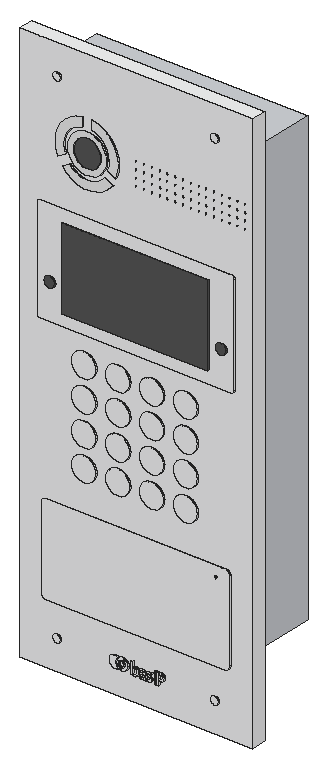
Revit family "BAS-IP_Вызывная панель_AA-07BD", category Устройства связи, Revit 2019
Family settings
  Сохранять ориентацию аннотаций = Нет
  Размер круглого соединителя = Использовать диаметр
  Тип детали = Нормальный
  На основе рабочей плоскости = Нет
  Всегда вертикально = Да
  При загрузке вырезать с полостями = Нет
  Общий = Нет
  Точка расчета площади = Нет
Parameters (values of type "Серебристый")
  Цветовое решение = "Серебристый"
  Цвет = Gray silver
  Угол обзора камеры = "110° (по горизонтали)"
  УГО_Смещение_Y [instance] = 0 mm
  УГО_Смещение_X [instance] = 0 mm
  Тип установки = "Скрытого монтажа, накладной с BR-AA7"
  Тип панели = "Многоабонентская"
  Тип клавиатуры = "Механические кнопки с подсветкой"
  Температурный режим = "-40 – +65 °С"
  Разрешение = "2 Мп"
  Размер самой панели = "155 × 375 × 55 мм"
  Размер под установку = "140 × 350 × 60 мм"
  Потребление питания = "6,5 Вт, в режиме ожидания - 3,6 Вт"
  Питание = "+12 В постоянного тока"
  Ночная подсветка = "6 светодиодов"
  Минимальная освещенность = "0,01 Люкс"
  Корпус = "Алюминий"
  Класс степени защиты = "IP65"
  Камера = "1/4”"
  Изготовитель = "BAS-IP"  # constant formula
  Зона обслуживания [instance] = no
  Дисплей = "4,3” TFT, цветной с подсветкой"
  Выходное видео = "Half HD (1280 × 720), H.264 Main Profile"
  IK-код = "IK07"
  ADSK_Размер_Смещение от уровня [instance] = 1000 mm
  ADSK_Примечание [instance] = ""
  ADSK_Позиция [instance] = ""
  ADSK_Наименование = "Многоабонентская IP вызывная панель с TFT экраном 4,3 дюйма"
  ADSK_Материал = Silver
  ADSK_Марка = "AA-07BD Silver"
  ADSK_Количество = 1  # constant formula
  ADSK_Код изделия = ""
  ADSK_Завод-изготовитель = "BAS-IP"  # constant formula
  ADSK_Единица измерения = "шт."  # constant formula
Reference planes
  plane 1 "По центру (Вперед/Назад)": y = 0
  plane 2: z = 0
  plane 3 "По центру (Влево/Вправо)": x = 0
  plane 4: z = 1000
  plane 5: z = 0
  plane 6: y = 0
  plane 7: x = 0
Forms (mm)
  Extrusion 1, solid, material "Silver" <- "ADSK_Материал", detail levels medium+fine
    sketch origin (0, -8, 1000) x (1, 0, 0) y (0, 0, 1)
      loop
        line (-77.5, 0) -> (77.5, 0) -> (77.5, 375) -> (-77.5, 375) -> (-77.5, 0)
    from -8 to 2
  Extrusion 2, solid, detail levels medium+fine
    sketch origin (0, -8, 1000) x (1, 0, 0) y (0, 0, 1)
      loop
        line (-70, 350) -> (-70, 50) -> (70, 50) -> (70, 350) -> (-70, 350)
    from -53 to -8
  Extrusion 3, solid, material "Silver" <- "ADSK_Материал", detail levels fine
    sketch origin (0, -7.5, 1000) x (1, 0, 0) y (0, 0, 1)
      loop
        arc (-59.5, 100.854) -> (-61.621, 99.975) -> (-62.5, 97.854) r 3
        line (-62.5, 97.854) -> (-62.5, 43.854)
        arc (-62.5, 43.854) -> (-61.621, 41.732) -> (-59.5, 40.854) r 3
        line (-59.5, 40.854) -> (59.5, 40.854)
        arc (59.5, 40.854) -> (61.621, 41.732) -> (62.5, 43.854) r 3
        line (62.5, 43.854) -> (62.5, 97.854)
        arc (62.5, 97.854) -> (61.621, 99.975) -> (59.5, 100.854) r 3
        line (59.5, 100.854) -> (-59.5, 100.854)
    from 2 to 3
  Extrusion 4, void, detail levels fine
    sketch origin (-6.684, -8, 1047.747) x (1, 0, 0) y (0, 0, 1)
      loop
        circle (60.5, 46.187) r 1
    from 0 to 2.5
  Extrusion 5, void, detail levels fine
    sketch origin (-209.374, -8, 1225.582) x (1, 0, 0) y (0, 0, 1)
      loop
        circle (209.254, 97.039) r 0.5
      loop
        circle (214.754, 97.039) r 0.5
      loop
        circle (220.004, 97.039) r 0.5
      loop
        circle (225.316, 97.039) r 0.5
      loop
        circle (230.316, 97.039) r 0.5
      loop
        circle (209.254, 92.039) r 0.5
      loop
        circle (214.754, 92.039) r 0.5
      loop
        circle (220.004, 92.039) r 0.5
      loop
        circle (225.316, 92.039) r 0.5
      loop
        circle (230.316, 92.039) r 0.5
      loop
        circle (209.254, 87.039) r 0.5
      loop
        circle (214.754, 87.039) r 0.5
      loop
        circle (220.004, 87.039) r 0.5
      loop
        circle (225.316, 87.039) r 0.5
      loop
        circle (230.316, 87.039) r 0.5
      loop
        circle (209.254, 82.039) r 0.5
      loop
        circle (214.754, 82.039) r 0.5
      loop
        circle (220.004, 82.039) r 0.5
      loop
        circle (225.316, 82.039) r 0.5
      loop
        circle (230.316, 82.039) r 0.5
      loop
        circle (276.937, 97.039) r 0.5
      loop
        circle (271.687, 97.039) r 0.5
      loop
        circle (266.375, 97.039) r 0.5
      loop
        circle (261.375, 97.039) r 0.5
      loop
        circle (276.937, 92.039) r 0.5
      loop
        circle (271.687, 92.039) r 0.5
      loop
        circle (266.375, 92.039) r 0.5
      loop
        circle (261.375, 92.039) r 0.5
      loop
        circle (276.937, 87.039) r 0.5
      loop
        circle (271.687, 87.039) r 0.5
      loop
        circle (266.375, 87.039) r 0.5
      loop
        circle (261.375, 87.039) r 0.5
      loop
        circle (276.937, 82.039) r 0.5
      loop
        circle (271.687, 82.039) r 0.5
      loop
        circle (266.375, 82.039) r 0.5
      loop
        circle (261.375, 82.039) r 0.5
      loop
        circle (282.187, 97.039) r 0.5
      loop
        circle (282.187, 92.039) r 0.5
      loop
        circle (282.187, 87.039) r 0.5
      loop
        circle (282.187, 82.039) r 0.5
    from 1 to 2
  Extrusion 6, void, detail levels fine
    sketch origin (-209.374, -8, 1305.582) x (1, 0, 0) y (0, 0, 1)
      loop
        circle (245.846, 17.039) r 0.5
      loop
        circle (245.846, 12.039) r 0.5
      loop
        circle (245.846, 7.039) r 0.5
      loop
        circle (245.846, 2.039) r 0.5
      loop
        circle (240.596, 17.039) r 0.5
      loop
        circle (240.596, 12.039) r 0.5
      loop
        circle (240.596, 7.039) r 0.5
      loop
        circle (240.596, 2.039) r 0.5
      loop
        circle (235.658, 17.039) r 0.5
      loop
        circle (235.658, 12.039) r 0.5
      loop
        circle (235.658, 7.039) r 0.5
      loop
        circle (235.658, 2.039) r 0.5
      loop
        circle (251.096, 17.039) r 0.5
      loop
        circle (251.096, 12.039) r 0.5
      loop
        circle (251.096, 7.039) r 0.5
      loop
        circle (251.096, 2.039) r 0.5
      loop
        circle (256.033, 17.039) r 0.5
      loop
        circle (256.033, 12.039) r 0.5
      loop
        circle (256.033, 7.039) r 0.5
      loop
        circle (256.033, 2.039) r 0.5
    from 0 to 2
  Extrusion 7, solid, material "Black", detail levels fine
    sketch origin (0, -8, 1019.127) x (1, 0, 0) y (0, 0, 1)
      loop
        line (-48.5, 250.279) -> (-48.5, 196.279) -> (48.5, 196.279) -> (48.5, 250.279) -> (-48.5, 250.279)
    from 1.5 to 3
  Extrusion 8, solid, material "Black", detail levels fine
    sketch origin (-31.906, -8, 1173.907) x (1, 0, 0) y (0, 0, 1)
      loop
        circle (-25.094, 57.291) r 3.5
      loop
        circle (88.906, 57.291) r 3.5
    from 1.5 to 3
  Extrusion 9, solid, material "Silver" <- "ADSK_Материал", detail levels fine
    sketch origin (-5.5, -7.5, 1139.127) x (1, 0, 0) y (0, 0, 1)
      loop
        arc (-58, 138.279) -> (-59.414, 137.693) -> (-60, 136.279) r 2
        line (-60, 136.279) -> (-60, 70.279)
        arc (-60, 70.279) -> (-59.414, 68.864) -> (-58, 68.279) r 2
        line (-58, 68.279) -> (69, 68.279)
        arc (69, 68.279) -> (70.414, 68.864) -> (71, 70.279) r 2
        line (71, 70.279) -> (71, 136.279)
        arc (71, 136.279) -> (70.414, 137.693) -> (69, 138.279) r 2
        line (69, 138.279) -> (-58, 138.279)
    from 2 to 3
  Extrusion 10, solid, material "Gray silver", detail levels fine
    sketch origin (150.034, -8, 1088.366) x (1, 0, 0) y (0, 0, 1)
      loop
        circle (-202.534, 266.634) r 2.5
      loop
        circle (-97.534, 266.634) r 2.5
      loop
        circle (-202.534, -68.366) r 2.5
      loop
        circle (-97.534, -68.366) r 2.5
    from 0 to 2.5
  Extrusion 11, solid, material "White", detail levels fine
    sketch origin (-32.5, -7.5, 1180.728) x (1, 0, 0) y (0, 0, 1)
      loop
        arc (-14.192, 130.272) -> (-13.253, 142.888) -> (-3, 150.299) r 15
        line (-3, 150.299) -> (-3, 156.293)
        arc (-3, 156.293) -> (-18.287, 145.815) -> (-19.322, 127.31) r 21
        line (-19.322, 127.31) -> (-14.192, 130.272)
      loop
        line (14.192, 130.272) -> (19.322, 127.31)
        arc (19.322, 127.31) -> (18.287, 145.815) -> (3, 156.293) r 21
        line (3, 156.293) -> (3, 150.299)
        arc (3, 150.299) -> (13.253, 142.888) -> (14.192, 130.272) r 15
      loop
        line (-11.192, 125.075) -> (-16.322, 122.114)
        arc (-16.322, 122.114) -> (0.221, 113.757) -> (16.939, 121.757) r 21
        line (16.939, 121.757) -> (11.749, 124.754)
        arc (11.749, 124.754) -> (0.204, 119.58) -> (-11.192, 125.075) r 15
    from 2 to 3
  Extrusion 12, solid, material "Silver" <- "ADSK_Материал", detail levels fine
    sketch origin (0, -7.5, 1000) x (1, 0, 0) y (0, 0, 1)
      loop
        circle (-34.465, 189.282) r 8.017
      loop
        circle (-11.965, 189.282) r 8.017
      loop
        circle (10.535, 189.282) r 8.017
      loop
        circle (33.035, 189.282) r 8.017
      loop
        circle (-34.465, 168.645) r 8.017
      loop
        circle (-11.965, 168.645) r 8.017
      loop
        circle (10.535, 168.645) r 8.017
      loop
        circle (33.035, 168.645) r 8.017
      loop
        circle (-34.465, 148.02) r 8.017
      loop
        circle (-11.965, 148.02) r 8.017
      loop
        circle (10.535, 148.02) r 8.017
      loop
        circle (33.035, 148.02) r 8.017
      loop
        circle (-34.465, 127.395) r 8.017
      loop
        circle (-11.965, 127.395) r 8.017
      loop
        circle (10.535, 127.395) r 8.017
      loop
        circle (33.035, 127.395) r 8.017
    from 2 to 3
  Extrusion 13, solid, material "Black", detail levels fine
    sketch origin (-32.254, -7.5, 1180.99) x (1, 0, 0) y (0, 0, 1)
      loop
        circle (0, 135.001) r 9
    from 2 to 3
  Extrusion 14, solid, material "White", detail levels fine
    sketch origin (0.246, 0, 1000.262) x (1, 0, 0) y (0, 0, 1)
      loop
        circle (-32.5, 315.729) r 13
      loop
        circle (-32.5, 315.729) r 9
    from 9.5 to 10.5
  Extrusion 15, solid, material "Silver" <- "ADSK_Материал", not visible, detail levels medium+fine
    sketch origin (0, -8, 0) x (1, 0, 0) y (0, 0, 1)
      loop
        line (-77.5, 0) -> (77.5, 0) -> (77.5, 375) -> (-77.5, 375) -> (-77.5, 0)
    from -8 to 2
  Extrusion 16, solid, not visible, detail levels medium+fine
    sketch origin (0, -8, 0) x (1, 0, 0) y (0, 0, 1)
      loop
        line (-70, 350) -> (-70, 50) -> (70, 50) -> (70, 350) -> (-70, 350)
    from -53 to -8
  Extrusion 17, solid, material "Silver" <- "ADSK_Материал", not visible, detail levels fine
    sketch origin (0, -7.5, 0) x (1, 0, 0) y (0, 0, 1)
      loop
        arc (-59.5, 100.854) -> (-61.621, 99.975) -> (-62.5, 97.854) r 3
        line (-62.5, 97.854) -> (-62.5, 43.854)
        arc (-62.5, 43.854) -> (-61.621, 41.732) -> (-59.5, 40.854) r 3
        line (-59.5, 40.854) -> (59.5, 40.854)
        arc (59.5, 40.854) -> (61.621, 41.732) -> (62.5, 43.854) r 3
        line (62.5, 43.854) -> (62.5, 97.854)
        arc (62.5, 97.854) -> (61.621, 99.975) -> (59.5, 100.854) r 3
        line (59.5, 100.854) -> (-59.5, 100.854)
    from 2 to 3
  Extrusion 18, void, not visible, detail levels fine
    sketch origin (-6.684, -8, 47.747) x (1, 0, 0) y (0, 0, 1)
      loop
        circle (60.5, 46.187) r 1
    from 0 to 2.5
  Extrusion 19, void, not visible, detail levels fine
    sketch origin (-209.374, -8, 225.582) x (1, 0, 0) y (0, 0, 1)
      loop
        circle (209.254, 97.039) r 0.5
      loop
        circle (214.754, 97.039) r 0.5
      loop
        circle (220.004, 97.039) r 0.5
      loop
        circle (225.316, 97.039) r 0.5
      loop
        circle (230.316, 97.039) r 0.5
      loop
        circle (209.254, 92.039) r 0.5
      loop
        circle (214.754, 92.039) r 0.5
      loop
        circle (220.004, 92.039) r 0.5
      loop
        circle (225.316, 92.039) r 0.5
      loop
        circle (230.316, 92.039) r 0.5
      loop
        circle (209.254, 87.039) r 0.5
      loop
        circle (214.754, 87.039) r 0.5
      loop
        circle (220.004, 87.039) r 0.5
      loop
        circle (225.316, 87.039) r 0.5
      loop
        circle (230.316, 87.039) r 0.5
      loop
        circle (209.254, 82.039) r 0.5
      loop
        circle (214.754, 82.039) r 0.5
      loop
        circle (220.004, 82.039) r 0.5
      loop
        circle (225.316, 82.039) r 0.5
      loop
        circle (230.316, 82.039) r 0.5
      loop
        circle (276.937, 97.039) r 0.5
      loop
        circle (271.687, 97.039) r 0.5
      loop
        circle (266.375, 97.039) r 0.5
      loop
        circle (261.375, 97.039) r 0.5
      loop
        circle (276.937, 92.039) r 0.5
      loop
        circle (271.687, 92.039) r 0.5
      loop
        circle (266.375, 92.039) r 0.5
      loop
        circle (261.375, 92.039) r 0.5
      loop
        circle (276.937, 87.039) r 0.5
      loop
        circle (271.687, 87.039) r 0.5
      loop
        circle (266.375, 87.039) r 0.5
      loop
        circle (261.375, 87.039) r 0.5
      loop
        circle (276.937, 82.039) r 0.5
      loop
        circle (271.687, 82.039) r 0.5
      loop
        circle (266.375, 82.039) r 0.5
      loop
        circle (261.375, 82.039) r 0.5
      loop
        circle (282.187, 97.039) r 0.5
      loop
        circle (282.187, 92.039) r 0.5
      loop
        circle (282.187, 87.039) r 0.5
      loop
        circle (282.187, 82.039) r 0.5
    from 1 to 2
  Extrusion 20, void, not visible, detail levels fine
    sketch origin (-209.374, -8, 305.582) x (1, 0, 0) y (0, 0, 1)
      loop
        circle (245.846, 17.039) r 0.5
      loop
        circle (245.846, 12.039) r 0.5
      loop
        circle (245.846, 7.039) r 0.5
      loop
        circle (245.846, 2.039) r 0.5
      loop
        circle (240.596, 17.039) r 0.5
      loop
        circle (240.596, 12.039) r 0.5
      loop
        circle (240.596, 7.039) r 0.5
      loop
        circle (240.596, 2.039) r 0.5
      loop
        circle (235.658, 17.039) r 0.5
      loop
        circle (235.658, 12.039) r 0.5
      loop
        circle (235.658, 7.039) r 0.5
      loop
        circle (235.658, 2.039) r 0.5
      loop
        circle (251.096, 17.039) r 0.5
      loop
        circle (251.096, 12.039) r 0.5
      loop
        circle (251.096, 7.039) r 0.5
      loop
        circle (251.096, 2.039) r 0.5
      loop
        circle (256.033, 17.039) r 0.5
      loop
        circle (256.033, 12.039) r 0.5
      loop
        circle (256.033, 7.039) r 0.5
      loop
        circle (256.033, 2.039) r 0.5
    from 0 to 2
  Extrusion 21, solid, material "Black", not visible, detail levels fine
    sketch origin (0, -8, 19.127) x (1, 0, 0) y (0, 0, 1)
      loop
        line (-48.5, 250.279) -> (-48.5, 196.279) -> (48.5, 196.279) -> (48.5, 250.279) -> (-48.5, 250.279)
    from 1.5 to 3
  Extrusion 22, solid, material "Black", not visible, detail levels fine
    sketch origin (-31.906, -8, 173.907) x (1, 0, 0) y (0, 0, 1)
      loop
        circle (-25.094, 57.291) r 3.5
      loop
        circle (88.906, 57.291) r 3.5
    from 1.5 to 3
  Extrusion 23, solid, material "Silver" <- "ADSK_Материал", not visible, detail levels fine
    sketch origin (-5.5, -7.5, 139.127) x (1, 0, 0) y (0, 0, 1)
      loop
        arc (-58, 138.279) -> (-59.414, 137.693) -> (-60, 136.279) r 2
        line (-60, 136.279) -> (-60, 70.279)
        arc (-60, 70.279) -> (-59.414, 68.864) -> (-58, 68.279) r 2
        line (-58, 68.279) -> (69, 68.279)
        arc (69, 68.279) -> (70.414, 68.864) -> (71, 70.279) r 2
        line (71, 70.279) -> (71, 136.279)
        arc (71, 136.279) -> (70.414, 137.693) -> (69, 138.279) r 2
        line (69, 138.279) -> (-58, 138.279)
    from 2 to 3
  Extrusion 24, solid, material "Gray silver", not visible, detail levels fine
    sketch origin (150.034, -8, 88.366) x (1, 0, 0) y (0, 0, 1)
      loop
        circle (-202.534, 266.634) r 2.5
      loop
        circle (-97.534, 266.634) r 2.5
      loop
        circle (-202.534, -68.366) r 2.5
      loop
        circle (-97.534, -68.366) r 2.5
    from 0 to 2.5
  Extrusion 25, solid, material "White", not visible, detail levels fine
    sketch origin (-32.5, -7.5, 180.728) x (1, 0, 0) y (0, 0, 1)
      loop
        arc (-14.192, 130.272) -> (-13.253, 142.888) -> (-3, 150.299) r 15
        line (-3, 150.299) -> (-3, 156.293)
        arc (-3, 156.293) -> (-18.287, 145.815) -> (-19.322, 127.31) r 21
        line (-19.322, 127.31) -> (-14.192, 130.272)
      loop
        line (14.192, 130.272) -> (19.322, 127.31)
        arc (19.322, 127.31) -> (18.287, 145.815) -> (3, 156.293) r 21
        line (3, 156.293) -> (3, 150.299)
        arc (3, 150.299) -> (13.253, 142.888) -> (14.192, 130.272) r 15
      loop
        line (-11.192, 125.075) -> (-16.322, 122.114)
        arc (-16.322, 122.114) -> (0.221, 113.757) -> (16.939, 121.757) r 21
        line (16.939, 121.757) -> (11.749, 124.754)
        arc (11.749, 124.754) -> (0.204, 119.58) -> (-11.192, 125.075) r 15
    from 2 to 3
  Extrusion 26, solid, material "Silver" <- "ADSK_Материал", not visible, detail levels fine
    sketch origin (0, -7.5, 0) x (1, 0, 0) y (0, 0, 1)
      loop
        circle (-34.465, 189.282) r 8.017
      loop
        circle (-11.965, 189.282) r 8.017
      loop
        circle (10.535, 189.282) r 8.017
      loop
        circle (33.035, 189.282) r 8.017
      loop
        circle (-34.465, 168.645) r 8.017
      loop
        circle (-11.965, 168.645) r 8.017
      loop
        circle (10.535, 168.645) r 8.017
      loop
        circle (33.035, 168.645) r 8.017
      loop
        circle (-34.465, 148.02) r 8.017
      loop
        circle (-11.965, 148.02) r 8.017
      loop
        circle (10.535, 148.02) r 8.017
      loop
        circle (33.035, 148.02) r 8.017
      loop
        circle (-34.465, 127.395) r 8.017
      loop
        circle (-11.965, 127.395) r 8.017
      loop
        circle (10.535, 127.395) r 8.017
      loop
        circle (33.035, 127.395) r 8.017
    from 2 to 3
  Extrusion 27, solid, material "Black", not visible, detail levels fine
    sketch origin (-32.254, -7.5, 180.99) x (1, 0, 0) y (0, 0, 1)
      loop
        circle (0, 135.001) r 9
    from 2 to 3
  Extrusion 28, solid, material "White", not visible, detail levels fine
    sketch origin (0.246, 0, 0.262) x (1, 0, 0) y (0, 0, 1)
      loop
        circle (-32.5, 315.729) r 13
      loop
        circle (-32.5, 315.729) r 9
    from 9.5 to 10.5
Cuts and joins
  Extrusion 4, Extrusion 5, Extrusion 6 cuts Extrusion 1
  Extrusion 4 cuts Extrusion 3
Dimensions and locks
  "ADSK_Размер_Смещение от уровня": plane 4 to plane 2
  "УГО_Смещение_X": plane 3 "По центру (Влево/Вправо)" to plane 7
  "УГО_Смещение_Y": plane 6 to plane 1 "По центру (Вперед/Назад)"
  aligned and locked: level to plane 2
  aligned and locked: cut or joined group of Extrusion 1, Extrusion 4, Extrusion 5, Extrusion 6 to plane 4
  aligned and locked: nested 5 to plane 6
  aligned and locked: plane 7 to nested 5
Automatic sketch dimensions
  Extrusion 2 sketch curve to Extrusion 2 sketch curve = 300 mm
  Extrusion 3 sketch curve to Extrusion 3 sketch curve = 3 mm  (x3)
  Extrusion 3 sketch curve to Extrusion 3 sketch curve = 0 mm
  Extrusion 3 sketch curve to Extrusion 3 sketch curve = 54 mm
  Extrusion 5 sketch curve to Extrusion 5 sketch curve = 0 mm  (x38)
  Extrusion 5 sketch curve to Extrusion 5 sketch curve = 5.25 mm  (x5)
  Extrusion 5 sketch curve to Extrusion 5 sketch curve = 5.313 mm  (x4)
  Extrusion 5 sketch curve to Extrusion 5 sketch curve = 5 mm  (x29)
  Extrusion 5 sketch curve to Extrusion 5 sketch curve = 31.058 mm
  Extrusion 6 sketch curve to Extrusion 6 sketch curve = 0 mm  (x19)
  Extrusion 6 sketch curve to Extrusion 6 sketch curve = 4.938 mm  (x8)
  Extrusion 6 sketch curve to Extrusion 6 sketch curve = 5.25 mm  (x2)
  Extrusion 6 sketch curve to Extrusion 6 sketch curve = 5 mm  (x9)
  Extrusion 7 sketch curve to Extrusion 7 sketch curve = 54 mm
  Extrusion 8 sketch curve to Extrusion 8 sketch curve = 0 mm
  Extrusion 9 sketch curve to Extrusion 9 sketch curve = 2 mm  (x3)
  Extrusion 9 sketch curve to Extrusion 9 sketch curve = 66 mm
  Extrusion 10 sketch curve to Extrusion 10 sketch curve = 335 mm
  Extrusion 10 sketch curve to Extrusion 10 sketch curve = 0 mm  (x3)
  Extrusion 11 sketch curve to Extrusion 11 sketch curve = 3 mm
  Extrusion 11 sketch curve to Extrusion 11 sketch curve = 5.13 mm  (x3)
  Extrusion 11 sketch curve to Extrusion 11 sketch curve = 11.192 mm
  Extrusion 11 sketch curve to Extrusion 11 sketch curve = 2.841 mm
  Extrusion 11 sketch curve to Extrusion 11 sketch curve = 0.148 mm  (x2)
  Extrusion 11 sketch curve to Extrusion 11 sketch curve = 0.021 mm
  Extrusion 11 sketch curve to Extrusion 11 sketch curve = 0.403 mm
  Extrusion 11 sketch curve to Extrusion 11 sketch curve = 0.032 mm
  Extrusion 11 sketch curve to Extrusion 11 sketch curve = 6 mm
  Extrusion 11 sketch curve to Extrusion 11 sketch curve = 11.335 mm
  Extrusion 11 sketch curve to Extrusion 11 sketch curve = 2.443 mm
  Extrusion 11 sketch curve to Extrusion 11 sketch curve = 5.191 mm
  Extrusion 11 sketch curve to Extrusion 11 sketch curve = 0.356 mm
  Extrusion 11 sketch curve to Extrusion 11 sketch curve = 2.997 mm
  Extrusion 11 sketch curve to Extrusion 11 sketch curve = 2.962 mm  (x3)
  Extrusion 11 sketch curve to Extrusion 11 sketch curve = 5.196 mm
  Extrusion 11 sketch curve to Extrusion 11 sketch curve = 5.553 mm
  Extrusion 11 sketch curve to Extrusion 11 sketch curve = 0.754 mm
  Extrusion 11 sketch curve to Extrusion 11 sketch curve = 0 mm
  Extrusion 11 sketch curve to Extrusion 11 sketch curve = 0.061 mm  (x2)
  Extrusion 12 sketch curve to Extrusion 12 sketch curve = 0 mm  (x13)
  Extrusion 12 sketch curve to Extrusion 12 sketch curve = 22.5 mm  (x5)
  Extrusion 12 sketch curve to Extrusion 12 sketch curve = 20.625 mm  (x8)
  Extrusion 12 sketch curve to Extrusion 12 sketch curve = 20.638 mm  (x4)
  Extrusion 14 sketch curve to Extrusion 14 sketch curve = 0 mm  (x4)
  Extrusion 1 sketch curve to Extrusion 1 sketch curve = 155 mm
  Extrusion 1 sketch curve to Extrusion 1 sketch curve = 375 mm
  Extrusion 2 sketch curve to Extrusion 2 sketch curve = 140 mm
  Extrusion 3 sketch curve to Extrusion 3 sketch curve = 119 mm
  Extrusion 5 sketch curve to Extrusion 5 sketch curve = 5.5 mm
  Extrusion 7 sketch curve to Extrusion 7 sketch curve = 97 mm
  Extrusion 8 sketch curve to Extrusion 8 sketch curve = 114 mm
  Extrusion 9 sketch curve to Extrusion 9 sketch curve = 127 mm
  Extrusion 9 sketch curve to Extrusion 9 sketch curve = 0 mm
  Extrusion 10 sketch curve to Extrusion 10 sketch curve = 105 mm  (x2)
  Extrusion 16 sketch curve to Extrusion 16 sketch curve = 300 mm
  Extrusion 17 sketch curve to Extrusion 17 sketch curve = 3 mm  (x3)
  Extrusion 17 sketch curve to Extrusion 17 sketch curve = 0 mm
  Extrusion 17 sketch curve to Extrusion 17 sketch curve = 54 mm
  Extrusion 19 sketch curve to Extrusion 19 sketch curve = 0 mm  (x38)
  Extrusion 19 sketch curve to Extrusion 19 sketch curve = 5.25 mm  (x5)
  Extrusion 19 sketch curve to Extrusion 19 sketch curve = 5.313 mm  (x4)
  Extrusion 19 sketch curve to Extrusion 19 sketch curve = 5 mm  (x29)
  Extrusion 19 sketch curve to Extrusion 19 sketch curve = 31.058 mm
  Extrusion 20 sketch curve to Extrusion 20 sketch curve = 0 mm  (x19)
  Extrusion 20 sketch curve to Extrusion 20 sketch curve = 4.938 mm  (x8)
  Extrusion 20 sketch curve to Extrusion 20 sketch curve = 5.25 mm  (x2)
  Extrusion 20 sketch curve to Extrusion 20 sketch curve = 5 mm  (x9)
  Extrusion 21 sketch curve to Extrusion 21 sketch curve = 54 mm
  Extrusion 22 sketch curve to Extrusion 22 sketch curve = 0 mm
  Extrusion 23 sketch curve to Extrusion 23 sketch curve = 2 mm  (x3)
  Extrusion 23 sketch curve to Extrusion 23 sketch curve = 66 mm
  Extrusion 24 sketch curve to Extrusion 24 sketch curve = 335 mm
  Extrusion 24 sketch curve to Extrusion 24 sketch curve = 0 mm  (x3)
  Extrusion 25 sketch curve to Extrusion 25 sketch curve = 3 mm
  Extrusion 25 sketch curve to Extrusion 25 sketch curve = 5.13 mm  (x3)
  Extrusion 25 sketch curve to Extrusion 25 sketch curve = 11.192 mm
  Extrusion 25 sketch curve to Extrusion 25 sketch curve = 2.841 mm
  Extrusion 25 sketch curve to Extrusion 25 sketch curve = 0.148 mm  (x2)
  Extrusion 25 sketch curve to Extrusion 25 sketch curve = 0.021 mm
  Extrusion 25 sketch curve to Extrusion 25 sketch curve = 0.403 mm
  Extrusion 25 sketch curve to Extrusion 25 sketch curve = 0.032 mm
  Extrusion 25 sketch curve to Extrusion 25 sketch curve = 6 mm
  Extrusion 25 sketch curve to Extrusion 25 sketch curve = 11.335 mm
  Extrusion 25 sketch curve to Extrusion 25 sketch curve = 2.443 mm
  Extrusion 25 sketch curve to Extrusion 25 sketch curve = 5.191 mm
  Extrusion 25 sketch curve to Extrusion 25 sketch curve = 0.356 mm
  Extrusion 25 sketch curve to Extrusion 25 sketch curve = 2.997 mm
  Extrusion 25 sketch curve to Extrusion 25 sketch curve = 2.962 mm  (x3)
  Extrusion 25 sketch curve to Extrusion 25 sketch curve = 5.196 mm
  Extrusion 25 sketch curve to Extrusion 25 sketch curve = 5.553 mm
  Extrusion 25 sketch curve to Extrusion 25 sketch curve = 0.754 mm
  Extrusion 25 sketch curve to Extrusion 25 sketch curve = 0 mm
  Extrusion 25 sketch curve to Extrusion 25 sketch curve = 0.061 mm  (x2)
  Extrusion 26 sketch curve to Extrusion 26 sketch curve = 0 mm  (x13)
  Extrusion 26 sketch curve to Extrusion 26 sketch curve = 22.5 mm  (x5)
  Extrusion 26 sketch curve to Extrusion 26 sketch curve = 20.625 mm  (x8)
  Extrusion 26 sketch curve to Extrusion 26 sketch curve = 20.638 mm  (x4)
  Extrusion 28 sketch curve to Extrusion 28 sketch curve = 0 mm  (x4)
  Extrusion 15 sketch curve to Extrusion 15 sketch curve = 155 mm
  Extrusion 15 sketch curve to Extrusion 15 sketch curve = 375 mm
  Extrusion 16 sketch curve to Extrusion 16 sketch curve = 140 mm
  Extrusion 17 sketch curve to Extrusion 17 sketch curve = 119 mm
  Extrusion 19 sketch curve to Extrusion 19 sketch curve = 5.5 mm
  Extrusion 21 sketch curve to Extrusion 21 sketch curve = 97 mm
  Extrusion 22 sketch curve to Extrusion 22 sketch curve = 114 mm
  Extrusion 23 sketch curve to Extrusion 23 sketch curve = 127 mm
  Extrusion 23 sketch curve to Extrusion 23 sketch curve = 0 mm
  Extrusion 24 sketch curve to Extrusion 24 sketch curve = 105 mm  (x2)
  radius of Extrusion 4 sketch curve = 1 mm
  radius of Extrusion 5 sketch curve = 0.5 mm  (x40)
  radius of Extrusion 6 sketch curve = 0.5 mm  (x20)
  radius of Extrusion 8 sketch curve = 3.5 mm  (x2)
  radius of Extrusion 10 sketch curve = 2.5 mm  (x4)
  radius of Extrusion 12 sketch curve = 8.017 mm  (x16)
  radius of Extrusion 13 sketch curve = 9 mm
  radius of Extrusion 14 sketch curve = 13 mm
  radius of Extrusion 14 sketch curve = 9 mm
  radius of Extrusion 18 sketch curve = 1 mm
  radius of Extrusion 19 sketch curve = 0.5 mm  (x40)
  radius of Extrusion 20 sketch curve = 0.5 mm  (x20)
  radius of Extrusion 22 sketch curve = 3.5 mm  (x2)
  radius of Extrusion 24 sketch curve = 2.5 mm  (x4)
  radius of Extrusion 26 sketch curve = 8.017 mm  (x16)
  radius of Extrusion 27 sketch curve = 9 mm
  radius of Extrusion 28 sketch curve = 13 mm
  radius of Extrusion 28 sketch curve = 9 mm
Nested families
  nested 1: "BAS-IP_Logo_M" at (1.25, -9.5, 1012.412), Материал <- "ADSK_Материал", type "BAS-IP_Logo_M", detail levels fine
    with Материал Silver
  nested 2: "Зона обслуживания" at (0, 0, 950), visible <- "Зона обслуживания", type "Зона обслуживания", detail levels fine
    with ADSK_Размер_Ширина 255 mm, ADSK_Размер_Высота 475 mm
  nested 3: "BAS-IP_Logo_M" at (1.25, -9.5, 12.412), Материал <- "ADSK_Материал", type "BAS-IP_Logo_M", not visible, detail levels fine
    with Материал Silver
  nested 4: "Зона обслуживания" at (0, 0, -50), visible <- "Зона обслуживания", type "Зона обслуживания", not visible, detail levels fine
    with ADSK_Размер_Ширина 255 mm, ADSK_Размер_Высота 475 mm
  nested 5: "УГО_Вызывная панель" at (0, 0, 0), type "УГО_Вызывная панель", detail levels coarse+medium
Connectors
  electrical at (0, 22.5, 1050)
    settings: on Extrusion 2, index 1, voltage 0 V, apparent load 0 VA, apparent load phase1 0 VA, apparent load phase2 0 VA, apparent load phase3 0 VA, power factor 1, load classification "Прочее", number of poles 1, system type 12, power factor state 1, is connector primary yes, connector utility no, sub classification motor no, connector description ""
Definition of nested family "BAS-IP_Logo_M"
  Parameters (values of type "BAS-IP_Logo_M")
    Материал [instance] = none
  Reference planes
    plane 1 "По центру (Вперед/Назад)": y = 0
    plane 2: z = 0
    plane 3 "По центру (Влево/Вправо)": x = 0
  Forms (mm)
    Extrusion 1, solid, material <- "Материал"
      sketch origin (0, 0, 0) x (1, 0, 0) y (0, 0, 1)
        loop
          circle (-10.243, 7.572) r 4
        loop
          circle (-10.243, 7.572) r 2.5
        loop
          circle (-10.243, 7.572) r 1.243
        loop
          line (-4.278, 11.609) -> (-4.278, 3.732)
          arc (-4.278, 3.732) -> (-2.247, 3.328) -> (-0.257, 3.903) r 4.38
          arc (-0.257, 3.903) -> (0.741, 6.101) -> (0.156, 8.443) r 3.668
          arc (0.156, 8.443) -> (-1.569, 9.278) -> (-3.12, 8.15) r 1.865
          line (-3.12, 8.15) -> (-3.12, 11.609) -> (-4.278, 11.609)
        loop
          line (4.381, 6.953) -> (2.708, 6.953)
          arc (2.708, 6.953) -> (1.143, 5.381) -> (2.193, 3.427) r 1.862
          line (2.193, 3.427) -> (5.385, 3.427)
          spline (5.385, 3.427) -> (5.486, 5.401) -> (5.48, 6.79) -> (5.388, 7.706) -> (5.23, 8.264) -> (5.026, 8.577) -> (4.796, 8.758) -> (4.549, 8.897) -> (4.259, 9.009) -> (3.891, 9.099) -> (3.39, 9.158) -> (2.65, 9.166) -> (1.566, 9.098)
          line (1.566, 9.098) -> (1.566, 8.205) -> (3.504, 8.205)
          arc (3.504, 8.205) -> (4.308, 7.835) -> (4.381, 6.953) r 0.878
        loop
          line (4.435, 6.281) -> (2.787, 6.281)
          arc (2.787, 6.281) -> (2.181, 5.255) -> (2.787, 4.229) r 1.171
          line (2.787, 4.229) -> (4.435, 4.229) -> (4.435, 6.281)
        loop
          line (-3.12, 7.277) -> (-3.12, 4.229)
          spline (-3.12, 4.229) -> (-1.778, 4.351) -> (-1.027, 4.671) -> (-0.608, 5.124) -> (-0.387, 5.678) -> (-0.289, 6.314) -> (-0.287, 6.974) -> (-0.427, 7.548) -> (-0.729, 7.952) -> (-1.126, 8.215) -> (-1.608, 8.34) -> (-2.312, 8.201) -> (-3.12, 7.277)
        loop
          spline (9.581, 9.006) -> (7.442, 9.112) -> (6.715, 8.885) -> (6.189, 8.423) -> (5.956, 7.76) -> (6.101, 7.123) -> (6.592, 6.658) -> (7.485, 6.226) -> (8.365, 5.733) -> (8.728, 5.173) -> (8.637, 4.701) -> (7.962, 4.38) -> (5.949, 4.472)
          line (5.949, 4.472) -> (5.865, 3.511)
          spline (5.865, 3.511) -> (7.993, 3.471) -> (9.031, 3.799) -> (9.606, 4.389) -> (9.789, 5.108) -> (9.608, 5.795) -> (9.176, 6.297) -> (8.515, 6.666) -> (7.712, 7.034) -> (7.093, 7.494) -> (7.013, 7.974) -> (7.796, 8.265) -> (9.507, 8.157)
          line (9.507, 8.157) -> (9.581, 9.006)
        loop
          line (11.296, 11.417) -> (11.296, 3.427) -> (12.325, 3.427) -> (12.325, 11.417) -> (11.296, 11.417)
        loop
          line (13.064, 11.417) -> (13.064, 3.427) -> (14.049, 3.427) -> (14.049, 6.359) -> (15.37, 6.359)
          arc (15.37, 6.359) -> (17.899, 8.888) -> (15.37, 11.417) r 2.529
          line (15.37, 11.417) -> (13.064, 11.417)
        loop
          line (14.049, 7.221) -> (15.318, 7.221)
          arc (15.318, 7.221) -> (16.739, 8.701) -> (15.638, 10.433) r 1.661
          line (15.638, 10.433) -> (14.049, 10.433) -> (14.049, 7.221)
      from 0 to 1
    Extrusion 2, solid, material <- "Материал"
      sketch origin (0, 0, 0) x (1, 0, 0) y (0, 0, 1)
        loop
          arc (-12.57, 10.825) -> (-18.868, 7.551) -> (-12.57, 4.276) r 4
          arc (-12.57, 4.276) -> (-14.235, 7.551) -> (-12.57, 10.825) r 4.053
      from 0 to 1
  Dimensions and locks
    aligned and locked: level to plane 2
Definition of nested family "Зона обслуживания"
  Parameters (values of type "Семейство1")
    Зона обслуживания = none
    ADSK_Размер_Ширина = 200 mm
    ADSK_Размер_Глубина = 120 mm
    ADSK_Размер_Высота = 250 mm
  Reference planes
    plane 1 "По центру (Вперед/Назад)": y = 0
    plane 2: z = 0
    plane 3 "По центру (Влево/Вправо)": x = 0
  Forms (mm)
    Extrusion 1, solid, material <- "Зона обслуживания"
      sketch origin (0, 0, 0) x (1, 0, 0) y (0, 1, 0)
        loop
          line (-100, 0) -> (-100, -120) -> (100, -120) -> (100, 0) -> (-100, 0)
      from 0 to 250 <- "ADSK_Размер_Высота"
  Dimensions and locks
    "ADSK_Размер_Глубина": Extrusion 1 sketch curve to plane 1 "По центру (Вперед/Назад)"
    equal spacing: Extrusion 1 sketch curve, plane 3 "По центру (Влево/Вправо)", Extrusion 1 sketch curve
    "ADSK_Размер_Ширина": Extrusion 1 sketch curve to Extrusion 1 sketch curve
    aligned and locked: level to plane 2
  Automatic sketch dimensions
    plane 1 "По центру (Вперед/Назад)" to Extrusion 1 sketch curve = 0 mm
Definition of nested family "УГО_Вызывная панель"
  Reference planes
    plane 1: y = 0
    plane 2: x = 0
  Lines and regions (mm)
    detail lines
      curve 1: line (-2, 0, 0) -> (2, 0, 0)
      curve 2: line (-2.5, -6.5, 0) -> (-2.5, -0.5, 0)
      curve 3: line (2, -7, 0) -> (-2, -7, 0)
      curve 4: line (2.5, -0.5, 0) -> (2.5, -6.5, 0)
      curve 5: arc (2, 0, 0) -> (2.354, -0.146, 0) -> (2.5, -0.5, 0) r 0.5
      curve 6: arc (-2.5, -0.5, 0) -> (-2.354, -0.146, 0) -> (-2, 0, 0) r 0.5
      curve 7: arc (-2, -7, 0) -> (-2.354, -6.854, 0) -> (-2.5, -6.5, 0) r 0.5
      curve 8: arc (2.5, -6.5, 0) -> (2.354, -6.854, 0) -> (2, -7, 0) r 0.5
      curve 9: line (-1.5, -3.39, 0) -> (1.5, -3.39, 0)
      curve 10: line (-1.5, -5.79, 0) -> (-1.5, -3.39, 0)
      curve 11: line (1.5, -5.19, 0) -> (-1.5, -5.19, 0)
      curve 12: line (1.5, -3.39, 0) -> (1.5, -5.79, 0)
      curve 13: circle (0, -1.5, 0) r 0.6 normal (0, 0, 1)
      curve 14: line (-1.5, -3.99, 0) -> (1.5, -3.99, 0)
      curve 15: line (-1.5, -4.59, 0) -> (1.5, -4.59, 0)
      curve 16: line (-0.5, -5.79, 0) -> (-0.5, -3.39, 0)
      curve 17: line (0.5, -5.79, 0) -> (0.5, -3.39, 0)
      curve 18: line (1.5, -5.79, 0) -> (-1.5, -5.79, 0)
